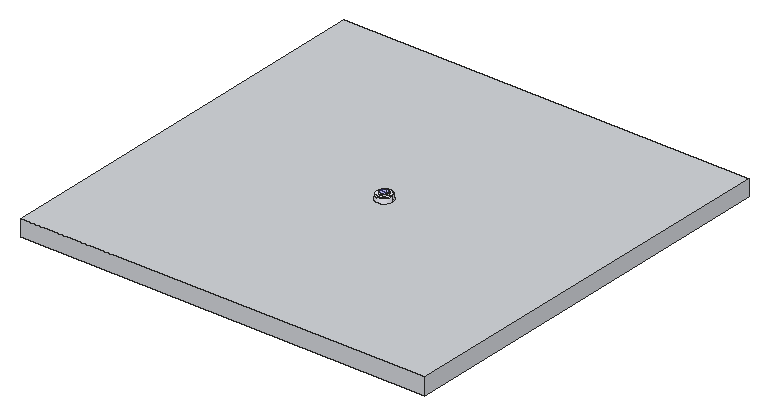
Revit family "BEG-92190", category Dispositifs d'éclairage, Revit 2015
Parameters
  Detection zone [instance] = yes
  Seat area [instance] = height position < 301 cm  # yes
  URL = "http://www.luxomat.com/en-92190"
  Type of output = "SWITCH"
  Ambiant temperature = "-25°C to +50°C"
  Ref = "92190"
  Relay = "10A"
  height position [instance] = 250 cm
  direct Range [instance] = height position * 2.4  # 600 cm
  transversal Range [instance] = height position * 4  # 1000 cm
  Modèle = "PD3N-1C/SM"
  Installation type = "Ceiling"
  Brand = "LUXOMAT"
  Image du type = 92190.jpg
  IP = "44"
  Mounting height max = Installation height max  # 300 cm
  Installation height max = 300 cm
  Fabricant = "B.E.G"
  Label [instance] = yes
  Default Elevation = 0 cm
  Consumption = "0,43W"
  Commentaires du type = "Occupancy detector PD3N-1C/SM"
  Code d'assemblage = "D5010200"
  Class = "2"
  Switching power LED = "200W"
  Switching power Cos ɸ =1 = "2300W"
  Switching power Cos ɸ =0.5 = "1150VA"
  Power voltage = "110-240 V AC"
  seated activity [instance] = height position * 1.6  # 400 cm
Reference planes (cm)
  plane 1 "Centre (avant/arrière)": y = 0
  plane 2: z = 0
  plane 3 "Centre (gauche/droite)": x = 0
Forms (cm)
  Extrusion 1, solid
    sketch origin (0, 0, 0) x (1, 0, 0) y (0, 1, 0)
      loop
        line (-121.92, 121.92) -> (-121.92, -121.92) -> (121.92, -121.92) -> (121.92, 121.92) -> (-121.92, 121.92)
    from 0 to -10
Dimensions and locks (cm)
  aligned and locked: plane 2 to Extrusion 1
  aligned and locked: level to Extrusion 1
  aligned and locked: nested 2 to plane 2
Nested families (cm)
  nested 1: "Famille1" at (0, -72.6659, 0) x (-1, 0, 0) z (0, 0, 1), reference <- "Ref", modele <- "Modèle", visible <- "Label", type "Famille1"
    with reference "92190", modele "PD3N-1C/SM"
  nested 2: "M8" at (0, 0, 0), type "Standard"
  nested 3: "zone G" at (0, 0, 0) x (-1, 0, 0) z (0, 0, 1), visible <- "Detection zone", activité assise <- "seated activity", biais <- "transversal Range", frontal <- "direct Range", Zone assise <- "Seat area", type "zone G"
    with position 2 240 cm, position 1 400 cm, frontal 600 cm, biais 1000 cm, activité assise 400 cm, Zone assise yes
  nested 4: "Plafond 360° 2D" at (0, 0, 0), type "Plafond 360° 2D"
Connectors (cm)
  electrical at (0, 0, 0)
    settings: on nested 2, index 1, voltage 240 V, apparent load 0 VA, apparent load phase1 0 VA, apparent load phase2 0 VA, apparent load phase3 0 VA, power factor 1, load classification "Eclairage", number of poles 1, system type 31, power factor state 1, is connector primary yes, connector utility no, sub classification motor no, connector description ""
Definition of nested family "M8"
  Reference planes (cm)
    plane 1 "Centre (avant/arrière)": y = 0
    plane 2: z = 0
    plane 3 "Centre (gauche/droite)": x = 0
    plane 4: y = 0
  Forms (cm)
    Revolve 1, solid
      sketch origin (0, 0, 0) x (-1, 0, 0) y (0, 0, 1)
        loop
          line (0, 0) -> (0, 3.6) -> (-2.45, 3.6) -> (-2.6598, 3.35) -> (-2.6598, 3.1) -> (-4.3661, 2.8) -> (-4.69, 2.4) -> (-4.9, 0) -> (0, 0)
        axis (0, 0) -> (0, 3.6)
      angle from 0 to 360
    Revolve 2, solid
      sketch origin (0, 0, 0) x (-1, 0, 0) y (0, 0, 1)
        loop
          line (0, 3.6) -> (0, 5)
          arc (0, 5) -> (-1.3892, 4.6244) -> (-2.4, 3.6) r 2.7571
          line (-2.4, 3.6) -> (0, 3.6)
        axis (0, 3.6) -> (0, 5)
      angle from 0 to 360
  Lines and regions (cm)
    reference lines
      curve 1: line (0, 0, 0) -> (0, 0, 5)
      curve 2: line (2.45, 0, 3.6) -> (0, 0, 3.6)
      curve 3: line (2.6598, 0, 3.35) -> (2.45, 0, 3.6)
      curve 4: line (2.6598, 0, 3.35) -> (2.6598, 0, 3.1)
      curve 5: line (4.3661, 0, 2.8) -> (2.6598, 0, 3.1)
      curve 6: line (4.69, 0, 2.4) -> (4.3661, 0, 2.8)
      curve 7: line (4.9, 0, 0) -> (4.69, 0, 2.4)
      curve 8: line (0, 0, 0) -> (4.9, 0, 0)
      curve 9: line (0, 0, 5) -> (0, 0, 3.6)
      curve 10: arc (0, 0, 5) -> (1.3892, 0, 4.6244) -> (2.4, 0, 3.6) r 2.7571
      curve 11: line (0, 0, 3.6) -> (2.4, 0, 3.6)
      curve 12: line (0, 0, 0) -> (0, 0, 5)
  Dimensions and locks (cm)
    aligned and locked: level to plane 2
    aligned and locked: Revolve 1 sketch curve to curve 1  (x2)
    aligned and locked: Revolve 1 sketch curve to curve 2
    aligned and locked: Revolve 1 sketch curve to curve 3
    aligned and locked: Revolve 1 sketch curve to curve 4
    aligned and locked: Revolve 1 sketch curve to curve 5
    aligned and locked: Revolve 1 sketch curve to curve 6
    aligned and locked: Revolve 1 sketch curve to curve 7
    aligned and locked: Revolve 1 sketch curve to curve 8
    aligned and locked: Revolve 2 sketch curve to curve 9
    aligned and locked: Revolve 2 sketch curve to curve 10
    aligned and locked: Revolve 2 sketch curve to curve 11
    aligned and locked: Revolve 2 sketch curve to curve 12
Definition of nested family "Famille1"
  Parameters (values of type "Famille1")
    reference [instance] = ""
    modele [instance] = ""
  Reference planes (cm)
    plane 1: y = 0
    plane 2: x = 0
  Text (cm)
    label "reference\n\nmodele" at (0.0074, 0.0451, 0), shows "reference", "modele"
Definition of nested family "zone G"
  Parameters (values of type "zone G")
    position 2 [instance] = (frontal / 2) * 0.8  # 240 cm
    position 1 [instance] = (biais / 2) * 0.8  # 400 cm
    frontal [instance] = 600 cm
    biais [instance] = 1000 cm
    activité assise [instance] = 400 cm
    Zone assise [instance] = yes
  Reference planes (cm)
    plane 1 "Centre (avant/arrière)": y = 0
    plane 2: z = 0
    plane 3 "Centre (gauche/droite)": x = 0
    plane 4: x = -400
    plane 5: y = -240
  Lines and regions (cm)
    detail lines, in view "Niveau de réf.", visible <- "Zone assise"
      curve 1: circle (0, 0, 0) r 200 normal (0, 0, 1)
      curve 4: spline (-105.2767, 3.2118, 0) -> (-104.9106, 3.0586, 0) -> (-103.8375, 2.9158, 0) -> (-102.1303, 2.7932, 0) -> (-99.9055, 2.6991, 0) -> (-97.3146, 2.6399, 0) -> (-94.5343, 2.6198, 0) -> (-91.7539, 2.6399, 0) -> (-89.163, 2.6991, 0) -> (-86.9382, 2.7932, 0) -> (-85.231, 2.9158, 0) -> (-84.1579, 3.0586, 0) -> (-83.7918, 3.2118, 0) -> (-84.1579, 3.365, 0) -> (-85.231, 3.5078, 0) -> (-86.9382, 3.6305, 0) -> (-89.163, 3.7245, 0) -> (-91.7539, 3.7837, 0) -> (-94.5343, 3.8039, 0) -> (-97.3146, 3.7837, 0) -> (-99.9055, 3.7245, 0) -> (-102.1303, 3.6305, 0) -> (-103.8375, 3.5078, 0) -> (-104.9106, 3.365, 0) -> (-105.2767, 3.2118, 0)
      curve 5: line (-105.2767, 3.2118, 0) -> (-103.7271, 3.5181, 0)
      curve 6: arc (-102.6495, -16.5888, 0) -> (-107.2915, -17.186, 0) -> (-111.6311, -18.9388, 0) r 18.3388
      curve 7: arc (-111.6311, -18.9388, 0) -> (-111.6982, -19.0046, 0) -> (-111.7229, -19.0953, 0) r 0.1799
      curve 8: arc (-102.4571, -17.1805, 0) -> (-106.7473, -17.5804, 0) -> (-110.8538, -18.8852, 0) r 20.1051
      curve 9: arc (-110.8538, -18.8852, 0) -> (-111.0396, -18.979, 0) -> (-111.2122, -19.0953, 0) r 1.6679
      curve 10: circle (-111.4676, -19.8292, 0) r 0.5096 normal (0, 0, 1)
      curve 11: arc (-110.898, -19.8292, 0) -> (-111.4676, -19.2597, 0) -> (-112.0372, -19.8292, 0) r 0.5696
      curve 12: arc (-110.838, -19.8292, 0) -> (-111.4676, -19.1997, 0) -> (-112.0972, -19.8292, 0) r 0.6296
      curve 13: arc (-86.4191, -16.5888, 0) -> (-81.7771, -17.186, 0) -> (-77.4374, -18.9388, 0) r 18.3388
      curve 14: arc (-77.4374, -18.9388, 0) -> (-77.3704, -19.0046, 0) -> (-77.3456, -19.0953, 0) r 0.1799
      curve 15: arc (-86.6114, -17.1805, 0) -> (-82.3212, -17.5804, 0) -> (-78.2147, -18.8852, 0) r 20.1051
      curve 16: arc (-78.2147, -18.8852, 0) -> (-78.0289, -18.979, 0) -> (-77.8563, -19.0953, 0) r 1.6679
      curve 17: circle (-77.6009, -19.8292, 0) r 0.5096 normal (0, 0, 1)
      curve 18: arc (-77.0314, -19.8292, 0) -> (-77.6009, -19.2597, 0) -> (-78.1705, -19.8292, 0) r 0.5696
      curve 19: arc (-76.9714, -19.8292, 0) -> (-77.6009, -19.1997, 0) -> (-78.2305, -19.8292, 0) r 0.6296
      curve 20: arc (-95.2593, -16.5888, 0) -> (-98.9871, -17.441, 0) -> (-102.5056, -18.9388, 0) r 21.5424
      curve 21: arc (-102.5056, -18.9388, 0) -> (-102.5726, -19.0046, 0) -> (-102.5974, -19.0953, 0) r 0.1799
      curve 22: arc (-95.2593, -17.1805, 0) -> (-98.5536, -17.8061, 0) -> (-101.7283, -18.8852, 0) r 23.9713
      curve 23: arc (-101.7283, -18.8852, 0) -> (-101.911, -18.9772, 0) -> (-102.081, -19.0909, 0) r 1.6679
      curve 24: arc (-95.0229, -17.1805, 0) -> (-98.2689, -17.8294, 0) -> (-101.4063, -18.8852, 0) r 26.0219
      curve 25: arc (-101.4063, -18.8852, 0) -> (-101.592, -18.979, 0) -> (-101.7647, -19.0953, 0) r 1.6679
      curve 26: circle (-102.181, -19.8292, 0) r 0.5096 normal (0, 0, 1)
      curve 27: arc (-101.6114, -19.8292, 0) -> (-102.181, -19.2597, 0) -> (-102.7506, -19.8292, 0) r 0.5696
      curve 28: arc (-101.5514, -19.8292, 0) -> (-102.181, -19.1997, 0) -> (-102.8106, -19.8292, 0) r 0.6296
      curve 29: arc (-93.8092, -16.5888, 0) -> (-90.0814, -17.441, 0) -> (-86.5629, -18.9388, 0) r 21.5424
      curve 30: arc (-86.5629, -18.9388, 0) -> (-86.4959, -19.0046, 0) -> (-86.4711, -19.0953, 0) r 0.1799
      curve 31: arc (-93.8092, -17.1805, 0) -> (-90.5149, -17.8061, 0) -> (-87.3402, -18.8852, 0) r 23.9713
      curve 32: arc (-87.3402, -18.8852, 0) -> (-87.1544, -18.979, 0) -> (-86.9818, -19.0953, 0) r 1.6679
      curve 33: arc (-94.0457, -17.1805, 0) -> (-90.7996, -17.8294, 0) -> (-87.6622, -18.8852, 0) r 26.0219
      curve 34: arc (-87.6622, -18.8852, 0) -> (-87.4765, -18.979, 0) -> (-87.3039, -19.0953, 0) r 1.6679
      curve 35: circle (-86.8875, -19.8292, 0) r 0.5096 normal (0, 0, 1)
      curve 36: arc (-86.3179, -19.8292, 0) -> (-86.8875, -19.2597, 0) -> (-87.4571, -19.8292, 0) r 0.5696
      curve 37: arc (-86.2579, -19.8292, 0) -> (-86.8875, -19.1997, 0) -> (-87.5171, -19.8292, 0) r 0.6296
      curve 38: arc (-103.0079, 8.8705, 0) -> (-101.8776, 5.8173, 0) -> (-98.8653, 4.5819, 0) r 4.0512
      curve 39: arc (-83.7186, 4.2269, 0) -> (-82.9538, 3.7817, 0) -> (-82.7946, 2.9112, 0) r 1.0582
      curve 40: arc (-82.7946, 2.9112, 0) -> (-84.0889, -6.227, 0) -> (-84.0703, -15.4564, 0) r 64.7189
      curve 41: arc (-84.0703, -15.4564, 0) -> (-83.933, -16.0031, 0) -> (-83.4527, -16.2981, 0) r 0.7467
      curve 42: arc (-83.4527, -16.2981, 0) -> (-80.3714, -16.8717, 0) -> (-77.238, -16.9405, 0) r 19.3577
      curve 43: arc (-77.238, -16.9405, 0) -> (-77.6363, -16.4391, 0) -> (-78.2461, -16.244, 0) r 1.1013
      curve 44: arc (-78.2461, -16.244, 0) -> (-80.4274, -15.8096, 0) -> (-82.5587, -15.1742, 0) r 23.8747
      curve 45: arc (-82.5587, -15.1742, 0) -> (-81.6045, -6.5488, 0) -> (-80.848, 2.0961, 0) r 379.1961
      curve 46: arc (-80.848, 2.0961, 0) -> (-81.0708, 4.8418, 0) -> (-83.0581, 6.7494, 0) r 3.8846
      curve 47: arc (-83.0581, 6.7494, 0) -> (-89.2141, 8.8147, 0) -> (-95.6542, 9.6431, 0) r 33.2193
      curve 48: arc (-95.6542, 9.6431, 0) -> (-94.8516, 17.305, 0) -> (-94.8609, 25.0089, 0) r 72.9952
      curve 49: arc (-95.1116, 28.28, 0) -> (-95.2196, 29.2958, 0) -> (-95.3418, 30.31, 0) r 72.9952
      curve 50: arc (-98.1747, 30.0752, 0) -> (-100.3426, 29.2913, 0) -> (-99.4886, 27.1501, 0) r 1.6042
      curve 51: arc (-95.3418, 30.31, 0) -> (-98.7298, 32.2574, 0) -> (-102.1179, 30.31, 0) r 3.9209
      curve 52: arc (-68.8418, 20.3177, 0) -> (-68.8537, 20.2265, 0) -> (-68.9411, 20.2549, 0) r 0.0597
      curve 53: arc (-70.9776, 20.5408, 0) -> (-70.9496, 20.3832, 0) -> (-71.1082, 20.3621, 0) r 0.1108
      curve 54: spline (-98.8908, 41.6409, 0) -> (-97.9793, 41.5103, 0) -> (-97.1229, 41.0855, 0) -> (-96.38, 40.3954, 0) -> (-95.8012, 39.4871, 0) -> (-95.426, 38.4224, 0) -> (-95.2799, 37.274, 0) -> (-95.3728, 36.12, 0) -> (-95.6985, 35.0392, 0) -> (-96.2348, 34.1051, 0) -> (-96.945, 33.3815, 0) -> (-97.7809, 32.9176, 0) -> (-98.6854, 32.7451, 0) -> (-99.5969, 32.8757, 0) -> (-100.4532, 33.3005, 0) -> (-101.1961, 33.9906, 0) -> (-101.7749, 34.8989, 0) -> (-102.1502, 35.9636, 0) -> (-102.2963, 37.112, 0) -> (-102.2033, 38.266, 0) -> (-101.8776, 39.3468, 0) -> (-101.3414, 40.2809, 0) -> (-100.6311, 41.0045, 0) -> (-99.7953, 41.4684, 0) -> (-98.8908, 41.6409, 0)
      curve 55: line (-74.1608, -20.3388, 0) -> (-33.3759, -20.3388, 0)
      curve 56: line (-33.3759, -20.3388, 0) -> (-33.3759, 18.6681, 0)
      curve 57: line (-33.3759, 18.6681, 0) -> (-74.1608, 18.6681, 0)
      curve 58: line (-74.1608, 18.6681, 0) -> (-74.1608, -20.3388, 0)
      curve 59: line (-74.1608, -20.3388, 0) -> (-120.7181, -20.3388, 0)
      curve 60: line (-80.1025, 18.6681, 0) -> (-27.4342, 18.6681, 0)
      curve 61: line (-27.4342, 18.6681, 0) -> (-27.4342, 20.1345, 0)
      curve 62: line (-27.4342, 20.1345, 0) -> (-80.1025, 20.1345, 0)
      curve 63: line (-80.1025, 20.1345, 0) -> (-80.1025, 18.6681, 0)
      curve 64: line (-95.5223, 2.6198, 0) -> (-93.5462, 2.6198, 0)
      curve 65: line (-93.5462, 2.6198, 0) -> (-93.5462, -16.5888, 0)
      curve 66: line (-93.5462, -16.5888, 0) -> (-95.5223, -16.5888, 0)
      curve 67: line (-95.5223, -16.5888, 0) -> (-95.5223, 2.6198, 0)
      curve 68: line (-95.5223, -16.5888, 0) -> (-102.6495, -16.5888, 0)
      curve 69: line (-111.7229, -19.0953, 0) -> (-111.2122, -19.0953, 0)
      curve 70: line (-93.8092, -16.5888, 0) -> (-94.0457, -17.1805, 0)
      curve 71: line (-94.0457, -17.1805, 0) -> (-93.8092, -17.1805, 0)
      curve 72: line (-93.8092, -17.1805, 0) -> (-94.5343, -17.1805, 0)
      curve 73: line (-94.5343, -17.1805, 0) -> (-95.2593, -17.1805, 0)
      curve 74: line (-95.2593, -17.1805, 0) -> (-95.0229, -17.1805, 0)
      curve 75: line (-95.0229, -17.1805, 0) -> (-95.2593, -16.5888, 0)
      curve 76: line (-98.1226, -17.1805, 0) -> (-102.4571, -17.1805, 0)
      curve 77: line (-112.0372, -19.8292, 0) -> (-112.0972, -19.8292, 0)
      curve 78: line (-110.898, -19.8292, 0) -> (-110.838, -19.8292, 0)
      curve 79: line (-111.3676, -19.2076, 0) -> (-111.3676, -19.0953, 0)
      curve 80: line (-111.5676, -19.2076, 0) -> (-111.5676, -19.0953, 0)
      curve 81: line (-93.5462, -16.5888, 0) -> (-86.4191, -16.5888, 0)
      curve 82: line (-77.3456, -19.0953, 0) -> (-77.8563, -19.0953, 0)
      curve 83: line (-90.9459, -17.1805, 0) -> (-86.6114, -17.1805, 0)
      curve 84: line (-77.0314, -19.8292, 0) -> (-76.9714, -19.8292, 0)
      curve 85: line (-78.1705, -19.8292, 0) -> (-78.2305, -19.8292, 0)
      curve 86: line (-77.7009, -19.2076, 0) -> (-77.7009, -19.0953, 0)
      curve 87: line (-77.5009, -19.2076, 0) -> (-77.5009, -19.0953, 0)
      curve 88: line (-102.5974, -19.0953, 0) -> (-101.7647, -19.0953, 0)
      curve 89: line (-102.7506, -19.8292, 0) -> (-102.8106, -19.8292, 0)
      curve 90: line (-101.6114, -19.8292, 0) -> (-101.5514, -19.8292, 0)
      curve 91: line (-102.081, -19.2076, 0) -> (-102.081, -19.0909, 0)
      curve 92: line (-102.281, -19.2076, 0) -> (-102.281, -19.0953, 0)
      curve 93: line (-86.4711, -19.0953, 0) -> (-87.3039, -19.0953, 0)
      curve 94: line (-86.3179, -19.8292, 0) -> (-86.2579, -19.8292, 0)
      curve 95: line (-87.4571, -19.8292, 0) -> (-87.5171, -19.8292, 0)
      curve 96: line (-86.9875, -19.2076, 0) -> (-86.9875, -19.0953, 0)
      curve 97: line (-86.7875, -19.2076, 0) -> (-86.7875, -19.0953, 0)
      curve 98: line (-98.8653, 4.5819, 0) -> (-83.7186, 4.2269, 0)
      curve 99: line (-103.0079, 8.8705, 0) -> (-102.1179, 30.31, 0)
      curve 100: line (-98.1747, 30.0752, 0) -> (-85.3255, 22.5448, 0)
      curve 101: line (-85.3255, 22.5448, 0) -> (-74.2929, 21.667, 0)
      curve 102: line (-74.2929, 21.667, 0) -> (-71.6033, 21.7219, 0)
      curve 103: line (-71.6033, 21.7219, 0) -> (-69.7371, 21.2829, 0)
      curve 104: line (-69.7371, 21.2829, 0) -> (-68.8418, 20.3177, 0)
      curve 105: line (-68.9411, 20.2549, 0) -> (-69.7808, 21.0896, 0)
      curve 106: line (-69.7808, 21.0896, 0) -> (-71.6115, 21.2989, 0)
      curve 107: line (-71.6115, 21.2989, 0) -> (-72.0159, 21.0248, 0)
      curve 108: line (-72.0159, 21.0248, 0) -> (-70.9776, 20.5408, 0)
      curve 109: line (-71.1082, 20.3621, 0) -> (-72.6656, 20.8949, 0)
      curve 110: line (-72.6656, 20.8949, 0) -> (-74.496, 20.6558, 0)
      curve 111: line (-74.496, 20.6558, 0) -> (-86.0144, 20.9158, 0)
      curve 112: line (-86.0144, 20.9158, 0) -> (-99.4886, 27.1501, 0)
      curve 113: line (-99.8644, 32.9741, 0) -> (-99.9944, 32.0479, 0)
      curve 114: line (-97.5142, 33.0301, 0) -> (-97.3718, 32.0147, 0)
      curve 115: line (-33.3759, -20.3388, 0) -> (-21.8014, -20.3388, 0)
    detail lines, in view "Niveau de réf."
      curve 2: circle (0, 0, 0) r 300 normal (0, 0, 1)
      curve 3: circle (0, 0, 0) r 500 normal (0, 0, 1)
      curve 116: spline (2.3068, -267.7265, 0) -> (4.0856, -267.3949, 0) -> (5.7432, -266.4226, 0) -> (7.1667, -264.876, 0) -> (8.2589, -262.8603, 0) -> (8.9455, -260.5131, 0) -> (9.1797, -257.9942, 0) -> (8.9455, -255.4753, 0) -> (8.2589, -253.1281, 0) -> (7.1667, -251.1125, 0) -> (5.7432, -249.5658, 0) -> (4.0856, -248.5936, 0) -> (2.3068, -248.262, 0) -> (0.5279, -248.5936, 0) -> (-1.1297, -249.5658, 0) -> (-2.5531, -251.1125, 0) -> (-3.6453, -253.1281, 0) -> (-4.3319, -255.4753, 0) -> (-4.5661, -257.9942, 0) -> (-4.3319, -260.5131, 0) -> (-3.6453, -262.8603, 0) -> (-2.5531, -264.876, 0) -> (-1.1297, -266.4226, 0) -> (0.5279, -267.3949, 0) -> (2.3068, -267.7265, 0)
      curve 117: line (-4.7649, -255.0929, 0) -> (0.5136, -267.9212, 0)
      curve 118: line (3.5648, -268.0775, 0) -> (9.2455, -254.5266, 0)
      curve 119: line (-0.3759, -248.4588, 0) -> (-3.0011, -250.8806, 0)
      curve 120: line (3.5053, -268.5045, 0) -> (6.62, -268.3756, 0)
      curve 121: line (1.7304, -268.3525, 0) -> (3.5053, -268.5045, 0)
      curve 122: line (-4.7649, -255.0929, 0) -> (0.5136, -267.9212, 0)
      curve 123: line (-21.1936, -255.3894, 0) -> (-24.4202, -257.3623, 0)
      curve 124: line (-21.1936, -255.3894, 0) -> (-24.4202, -257.3623, 0)
      curve 125: line (-0.3759, -248.4588, 0) -> (-3.0011, -250.8806, 0)
      curve 126: line (1.7304, -268.3525, 0) -> (6.62, -268.3756, 0)
      curve 127: line (3.5648, -268.0775, 0) -> (9.2455, -254.5266, 0)
      curve 128: line (0, -240, 0) -> (0, -209.0788, 0)
      curve 129: line (0, -209.0788, 0) -> (0, -200.7814, 0)
      curve 130: spline (-397.6932, -27.7265, 0) -> (-395.9144, -27.3949, 0) -> (-394.2568, -26.4226, 0) -> (-392.8333, -24.876, 0) -> (-391.7411, -22.8603, 0) -> (-391.0545, -20.5131, 0) -> (-390.8203, -17.9942, 0) -> (-391.0545, -15.4753, 0) -> (-391.7411, -13.1281, 0) -> (-392.8333, -11.1125, 0) -> (-394.2568, -9.5658, 0) -> (-395.9144, -8.5936, 0) -> (-397.6932, -8.262, 0) -> (-399.4721, -8.5936, 0) -> (-401.1297, -9.5658, 0) -> (-402.5531, -11.1125, 0) -> (-403.6453, -13.1281, 0) -> (-404.3319, -15.4753, 0) -> (-404.5661, -17.9942, 0) -> (-404.3319, -20.5131, 0) -> (-403.6453, -22.8603, 0) -> (-402.5531, -24.876, 0) -> (-401.1297, -26.4226, 0) -> (-399.4721, -27.3949, 0) -> (-397.6932, -27.7265, 0)
      curve 131: line (-404.7649, -15.0929, 0) -> (-399.4864, -27.9212, 0)
      curve 132: line (-396.4352, -28.0775, 0) -> (-390.7545, -14.5266, 0)
      curve 133: line (-400.3759, -8.4588, 0) -> (-403.0011, -10.8806, 0)
      curve 134: line (-396.4947, -28.5045, 0) -> (-393.38, -28.3756, 0)
      curve 135: line (-398.2696, -28.3525, 0) -> (-396.4947, -28.5045, 0)
      curve 136: line (-404.7649, -15.0929, 0) -> (-399.4864, -27.9212, 0)
      curve 137: line (-421.1936, -15.3894, 0) -> (-424.4202, -17.3623, 0)
      curve 138: line (-421.1936, -15.3894, 0) -> (-424.4202, -17.3623, 0)
      curve 139: line (-400.3759, -8.4588, 0) -> (-403.0011, -10.8806, 0)
      curve 140: line (-398.2696, -28.3525, 0) -> (-393.38, -28.3756, 0)
      curve 141: line (-396.4352, -28.0775, 0) -> (-390.7545, -14.5266, 0)
      curve 142: line (-400, 0, 0) -> (-400, 30.9212, 0)
      curve 143: line (-400, 30.9212, 0) -> (-400, 39.2186, 0)
    detail lines, in view "Niveau de réf.", visible <- "Zone assise", not visible
      curve 144: spline (925.976, -22.5654, 0) -> (926.342, -22.7186, 0) -> (927.4152, -22.8614, 0) -> (929.1224, -22.984, 0) -> (931.3472, -23.0781, 0) -> (933.938, -23.1373, 0) -> (936.7184, -23.1574, 0) -> (939.4987, -23.1373, 0) -> (942.0896, -23.0781, 0) -> (944.3144, -22.984, 0) -> (946.0216, -22.8614, 0) -> (947.0948, -22.7186, 0) -> (947.4608, -22.5654, 0) -> (947.0948, -22.4122, 0) -> (946.0216, -22.2694, 0) -> (944.3144, -22.1467, 0) -> (942.0896, -22.0527, 0) -> (939.4987, -21.9935, 0) -> (936.7184, -21.9733, 0) -> (933.938, -21.9935, 0) -> (931.3472, -22.0527, 0) -> (929.1224, -22.1467, 0) -> (927.4152, -22.2694, 0) -> (926.342, -22.4122, 0) -> (925.976, -22.5654, 0)
      curve 145: line (925.976, -22.5654, 0) -> (927.5256, -22.2591, 0)
      curve 146: arc (928.6032, -42.366, 0) -> (923.9612, -42.9632, 0) -> (919.6215, -44.716, 0) r 18.3388
      curve 147: arc (919.6215, -44.716, 0) -> (919.5545, -44.7818, 0) -> (919.5297, -44.8725, 0) r 0.1799
      curve 148: arc (928.7956, -42.9577, 0) -> (924.5053, -43.3576, 0) -> (920.3988, -44.6624, 0) r 20.1051
      curve 149: arc (920.3988, -44.6624, 0) -> (920.213, -44.7562, 0) -> (920.0404, -44.8725, 0) r 1.6679
      curve 150: circle (919.7851, -45.6065, 0) r 0.5096 normal (0, 0, 1)
      curve 151: arc (920.3547, -45.6065, 0) -> (919.7851, -45.0369, 0) -> (919.2155, -45.6065, 0) r 0.5696
      curve 152: arc (920.4147, -45.6065, 0) -> (919.7851, -44.9769, 0) -> (919.1555, -45.6065, 0) r 0.6296
      curve 153: arc (944.8336, -42.366, 0) -> (949.4756, -42.9632, 0) -> (953.8152, -44.716, 0) r 18.3388
      curve 154: arc (953.8152, -44.716, 0) -> (953.8823, -44.7818, 0) -> (953.907, -44.8725, 0) r 0.1799
      curve 155: arc (944.6412, -42.9577, 0) -> (948.9315, -43.3576, 0) -> (953.038, -44.6624, 0) r 20.1051
      curve 156: arc (953.038, -44.6624, 0) -> (953.2237, -44.7562, 0) -> (953.3964, -44.8725, 0) r 1.6679
      curve 157: circle (953.6517, -45.6065, 0) r 0.5096 normal (0, 0, 1)
      curve 158: arc (954.2213, -45.6065, 0) -> (953.6517, -45.0369, 0) -> (953.0821, -45.6065, 0) r 0.5696
      curve 159: arc (954.2813, -45.6065, 0) -> (953.6517, -44.9769, 0) -> (953.0221, -45.6065, 0) r 0.6296
      curve 160: arc (935.9933, -42.366, 0) -> (932.2655, -43.2182, 0) -> (928.7471, -44.716, 0) r 21.5424
      curve 161: arc (928.7471, -44.716, 0) -> (928.68, -44.7818, 0) -> (928.6553, -44.8725, 0) r 0.1799
      curve 162: arc (935.9933, -42.9577, 0) -> (932.6991, -43.5833, 0) -> (929.5243, -44.6624, 0) r 23.9713
      curve 163: arc (929.5243, -44.6624, 0) -> (929.3417, -44.7544, 0) -> (929.1716, -44.8681, 0) r 1.6679
      curve 164: arc (936.2298, -42.9577, 0) -> (932.9838, -43.6066, 0) -> (929.8464, -44.6624, 0) r 26.0219
      curve 165: arc (929.8464, -44.6624, 0) -> (929.6606, -44.7562, 0) -> (929.488, -44.8725, 0) r 1.6679
      curve 166: circle (929.0716, -45.6065, 0) r 0.5096 normal (0, 0, 1)
      curve 167: arc (929.6412, -45.6065, 0) -> (929.0716, -45.0369, 0) -> (928.502, -45.6065, 0) r 0.5696
      curve 168: arc (929.7012, -45.6065, 0) -> (929.0716, -44.9769, 0) -> (928.442, -45.6065, 0) r 0.6296
      curve 169: arc (937.4435, -42.366, 0) -> (941.1713, -43.2182, 0) -> (944.6897, -44.716, 0) r 21.5424
      curve 170: arc (944.6897, -44.716, 0) -> (944.7568, -44.7818, 0) -> (944.7815, -44.8725, 0) r 0.1799
      curve 171: arc (937.4435, -42.9577, 0) -> (940.7377, -43.5833, 0) -> (943.9124, -44.6624, 0) r 23.9713
      curve 172: arc (943.9124, -44.6624, 0) -> (944.0982, -44.7562, 0) -> (944.2708, -44.8725, 0) r 1.6679
      curve 173: arc (937.207, -42.9577, 0) -> (940.453, -43.6066, 0) -> (943.5904, -44.6624, 0) r 26.0219
      curve 174: arc (943.5904, -44.6624, 0) -> (943.7762, -44.7562, 0) -> (943.9488, -44.8725, 0) r 1.6679
      curve 175: circle (944.3651, -45.6065, 0) r 0.5096 normal (0, 0, 1)
      curve 176: arc (944.9347, -45.6065, 0) -> (944.3651, -45.0369, 0) -> (943.7956, -45.6065, 0) r 0.5696
      curve 177: arc (944.9947, -45.6065, 0) -> (944.3651, -44.9769, 0) -> (943.7356, -45.6065, 0) r 0.6296
      curve 178: arc (928.2447, -16.9067, 0) -> (929.3751, -19.9599, 0) -> (932.3873, -21.1953, 0) r 4.0512
      curve 179: arc (947.5341, -21.5503, 0) -> (948.2989, -21.9955, 0) -> (948.4581, -22.866, 0) r 1.0582
      curve 180: arc (948.4581, -22.866, 0) -> (947.1637, -32.0042, 0) -> (947.1824, -41.2336, 0) r 64.7189
      curve 181: arc (947.1824, -41.2336, 0) -> (947.3196, -41.7803, 0) -> (947.8, -42.0753, 0) r 0.7467
      curve 182: arc (947.8, -42.0753, 0) -> (950.8812, -42.6489, 0) -> (954.0146, -42.7177, 0) r 19.3577
      curve 183: arc (954.0146, -42.7177, 0) -> (953.6164, -42.2163, 0) -> (953.0065, -42.0212, 0) r 1.1013
      curve 184: arc (953.0065, -42.0212, 0) -> (950.8253, -41.5868, 0) -> (948.6939, -40.9514, 0) r 23.8747
      curve 185: arc (948.6939, -40.9514, 0) -> (949.6481, -32.326, 0) -> (950.4047, -23.6811, 0) r 379.1961
      curve 186: arc (950.4047, -23.6811, 0) -> (950.1819, -20.9354, 0) -> (948.1945, -19.0278, 0) r 3.8846
      curve 187: arc (948.1945, -19.0278, 0) -> (942.0386, -16.9625, 0) -> (935.5985, -16.1341, 0) r 33.2193
      curve 188: arc (935.5985, -16.1341, 0) -> (936.4011, -8.4722, 0) -> (936.3918, -0.7683, 0) r 72.9952
      curve 189: arc (936.1411, 2.5028, 0) -> (936.0331, 3.5186, 0) -> (935.9108, 4.5328, 0) r 72.9952
      curve 190: arc (933.0779, 4.298, 0) -> (930.9101, 3.5141, 0) -> (931.7641, 1.3729, 0) r 1.6042
      curve 191: arc (935.9108, 4.5328, 0) -> (932.5228, 6.4802, 0) -> (929.1348, 4.5328, 0) r 3.9209
      curve 192: arc (962.4108, -5.4595, 0) -> (962.3989, -5.5507, 0) -> (962.3115, -5.5223, 0) r 0.0597
      curve 193: arc (960.275, -5.2364, 0) -> (960.303, -5.394, 0) -> (960.1444, -5.4151, 0) r 0.1108
      curve 194: spline (932.3619, 15.8637, 0) -> (933.2734, 15.7331, 0) -> (934.1297, 15.3083, 0) -> (934.8726, 14.6182, 0) -> (935.4514, 13.7099, 0) -> (935.8267, 12.6452, 0) -> (935.9728, 11.4968, 0) -> (935.8798, 10.3428, 0) -> (935.5541, 9.262, 0) -> (935.0179, 8.3279, 0) -> (934.3076, 7.6043, 0) -> (933.4718, 7.1404, 0) -> (932.5673, 6.9679, 0) -> (931.6558, 7.0985, 0) -> (930.7994, 7.5233, 0) -> (930.0565, 8.2134, 0) -> (929.4777, 9.1217, 0) -> (929.1025, 10.1864, 0) -> (928.9564, 11.3348, 0) -> (929.0493, 12.4888, 0) -> (929.375, 13.5696, 0) -> (929.9113, 14.5037, 0) -> (930.6215, 15.2273, 0) -> (931.4574, 15.6912, 0) -> (932.3619, 15.8637, 0)
      curve 195: line (957.0918, -46.116, 0) -> (997.8768, -46.116, 0)
      curve 196: line (997.8768, -46.116, 0) -> (997.8768, -7.1091, 0)
      curve 197: line (997.8768, -7.1091, 0) -> (957.0918, -7.1091, 0)
      curve 198: line (957.0918, -7.1091, 0) -> (957.0918, -46.116, 0)
      curve 199: line (957.0918, -46.116, 0) -> (910.5345, -46.116, 0)
      curve 200: line (951.1501, -7.1091, 0) -> (1003.8185, -7.1091, 0)
      curve 201: line (1003.8185, -7.1091, 0) -> (1003.8185, -5.6427, 0)
      curve 202: line (1003.8185, -5.6427, 0) -> (951.1501, -5.6427, 0)
      curve 203: line (951.1501, -5.6427, 0) -> (951.1501, -7.1091, 0)
      curve 204: line (935.7304, -23.1574, 0) -> (937.7064, -23.1574, 0)
      curve 205: line (937.7064, -23.1574, 0) -> (937.7064, -42.366, 0)
      curve 206: line (937.7064, -42.366, 0) -> (935.7304, -42.366, 0)
      curve 207: line (935.7304, -42.366, 0) -> (935.7304, -23.1574, 0)
      curve 208: line (935.7304, -42.366, 0) -> (928.6032, -42.366, 0)
      curve 209: line (919.5297, -44.8725, 0) -> (920.0404, -44.8725, 0)
      curve 210: line (937.4435, -42.366, 0) -> (937.207, -42.9577, 0)
      curve 211: line (937.207, -42.9577, 0) -> (937.4435, -42.9577, 0)
      curve 212: line (937.4435, -42.9577, 0) -> (936.7184, -42.9577, 0)
      curve 213: line (936.7184, -42.9577, 0) -> (935.9933, -42.9577, 0)
      curve 214: line (935.9933, -42.9577, 0) -> (936.2298, -42.9577, 0)
      curve 215: line (936.2298, -42.9577, 0) -> (935.9933, -42.366, 0)
      curve 216: line (933.13, -42.9577, 0) -> (928.7956, -42.9577, 0)
      curve 217: line (919.2155, -45.6065, 0) -> (919.1555, -45.6065, 0)
      curve 218: line (920.3547, -45.6065, 0) -> (920.4147, -45.6065, 0)
      curve 219: line (919.8851, -44.9848, 0) -> (919.8851, -44.8725, 0)
      curve 220: line (919.6851, -44.9848, 0) -> (919.6851, -44.8725, 0)
      curve 221: line (937.7064, -42.366, 0) -> (944.8336, -42.366, 0)
      curve 222: line (953.907, -44.8725, 0) -> (953.3964, -44.8725, 0)
      curve 223: line (940.3068, -42.9577, 0) -> (944.6412, -42.9577, 0)
      curve 224: line (954.2213, -45.6065, 0) -> (954.2813, -45.6065, 0)
      curve 225: line (953.0821, -45.6065, 0) -> (953.0221, -45.6065, 0)
      curve 226: line (953.5517, -44.9848, 0) -> (953.5517, -44.8725, 0)
      curve 227: line (953.7517, -44.9848, 0) -> (953.7517, -44.8725, 0)
      curve 228: line (928.6553, -44.8725, 0) -> (929.488, -44.8725, 0)
      curve 229: line (928.502, -45.6065, 0) -> (928.442, -45.6065, 0)
      curve 230: line (929.6412, -45.6065, 0) -> (929.7012, -45.6065, 0)
      curve 231: line (929.1716, -44.9848, 0) -> (929.1716, -44.8681, 0)
      curve 232: line (928.9716, -44.9848, 0) -> (928.9716, -44.8725, 0)
      curve 233: line (944.7815, -44.8725, 0) -> (943.9488, -44.8725, 0)
      curve 234: line (944.9347, -45.6065, 0) -> (944.9947, -45.6065, 0)
      curve 235: line (943.7956, -45.6065, 0) -> (943.7356, -45.6065, 0)
      curve 236: line (944.2651, -44.9848, 0) -> (944.2651, -44.8725, 0)
      curve 237: line (944.4651, -44.9848, 0) -> (944.4651, -44.8725, 0)
      curve 238: line (932.3873, -21.1953, 0) -> (947.5341, -21.5503, 0)
      curve 239: line (928.2447, -16.9067, 0) -> (929.1348, 4.5328, 0)
      curve 240: line (933.0779, 4.298, 0) -> (945.9271, -3.2324, 0)
      curve 241: line (945.9271, -3.2324, 0) -> (956.9598, -4.1102, 0)
      curve 242: line (956.9598, -4.1102, 0) -> (959.6493, -4.0553, 0)
      curve 243: line (959.6493, -4.0553, 0) -> (961.5155, -4.4943, 0)
      curve 244: line (961.5155, -4.4943, 0) -> (962.4108, -5.4595, 0)
      curve 245: line (962.3115, -5.5223, 0) -> (961.4719, -4.6876, 0)
      curve 246: line (961.4719, -4.6876, 0) -> (959.6412, -4.4783, 0)
      curve 247: line (959.6412, -4.4783, 0) -> (959.2367, -4.7524, 0)
      curve 248: line (959.2367, -4.7524, 0) -> (960.275, -5.2364, 0)
      curve 249: line (960.1444, -5.4151, 0) -> (958.5871, -4.8823, 0)
      curve 250: line (958.5871, -4.8823, 0) -> (956.7566, -5.1214, 0)
      curve 251: line (956.7566, -5.1214, 0) -> (945.2383, -4.8614, 0)
      curve 252: line (945.2383, -4.8614, 0) -> (931.7641, 1.3729, 0)
      curve 253: line (931.3882, 7.1969, 0) -> (931.2583, 6.2707, 0)
      curve 254: line (933.7384, 7.2529, 0) -> (933.8809, 6.2375, 0)
      curve 255: line (997.8768, -46.116, 0) -> (1009.4512, -46.116, 0)
    detail lines, in view "Niveau de réf.", not visible
      curve 256: spline (630.3724, -48.277, 0) -> (632.1512, -47.9453, 0) -> (633.8088, -46.9731, 0) -> (635.2323, -45.4264, 0) -> (636.3245, -43.4108, 0) -> (637.0111, -41.0636, 0) -> (637.2453, -38.5447, 0) -> (637.0111, -36.0258, 0) -> (636.3245, -33.6786, 0) -> (635.2323, -31.663, 0) -> (633.8088, -30.1163, 0) -> (632.1512, -29.1441, 0) -> (630.3724, -28.8124, 0) -> (628.5935, -29.1441, 0) -> (626.9359, -30.1163, 0) -> (625.5125, -31.663, 0) -> (624.4202, -33.6786, 0) -> (623.7336, -36.0258, 0) -> (623.4995, -38.5447, 0) -> (623.7336, -41.0636, 0) -> (624.4202, -43.4108, 0) -> (625.5125, -45.4264, 0) -> (626.9359, -46.9731, 0) -> (628.5935, -47.9453, 0) -> (630.3724, -48.277, 0)
      curve 257: line (623.3007, -35.6434, 0) -> (628.5792, -48.4717, 0)
      curve 258: line (631.6303, -48.628, 0) -> (637.311, -35.0771, 0)
      curve 259: line (627.6897, -29.0093, 0) -> (625.0645, -31.4311, 0)
      curve 260: line (631.5709, -49.055, 0) -> (634.6856, -48.9261, 0)
      curve 261: line (629.7959, -48.903, 0) -> (631.5709, -49.055, 0)
      curve 262: line (623.3007, -35.6434, 0) -> (628.5792, -48.4717, 0)
      curve 263: line (606.872, -35.9399, 0) -> (603.6454, -37.9127, 0)
      curve 264: line (606.872, -35.9399, 0) -> (603.6454, -37.9127, 0)
      curve 265: line (627.6897, -29.0093, 0) -> (625.0645, -31.4311, 0)
      curve 266: line (629.7959, -48.903, 0) -> (634.6856, -48.9261, 0)
      curve 267: line (631.6303, -48.628, 0) -> (637.311, -35.0771, 0)
      curve 268: line (628.0656, -20.5505, 0) -> (628.0656, 10.3707, 0)
      curve 269: line (628.0656, 10.3707, 0) -> (628.0656, 18.6681, 0)
      curve 270: spline (1030.3724, -260.777, 0) -> (1032.1512, -260.4453, 0) -> (1033.8088, -259.4731, 0) -> (1035.2323, -257.9264, 0) -> (1036.3245, -255.9108, 0) -> (1037.0111, -253.5636, 0) -> (1037.2453, -251.0447, 0) -> (1037.0111, -248.5258, 0) -> (1036.3245, -246.1786, 0) -> (1035.2323, -244.163, 0) -> (1033.8088, -242.6163, 0) -> (1032.1512, -241.6441, 0) -> (1030.3724, -241.3124, 0) -> (1028.5935, -241.6441, 0) -> (1026.9359, -242.6163, 0) -> (1025.5125, -244.163, 0) -> (1024.4202, -246.1786, 0) -> (1023.7336, -248.5258, 0) -> (1023.4995, -251.0447, 0) -> (1023.7336, -253.5636, 0) -> (1024.4202, -255.9108, 0) -> (1025.5125, -257.9264, 0) -> (1026.9359, -259.4731, 0) -> (1028.5935, -260.4453, 0) -> (1030.3724, -260.777, 0)
      curve 271: line (1023.3007, -248.1434, 0) -> (1028.5792, -260.9717, 0)
      curve 272: line (1031.6303, -261.128, 0) -> (1037.311, -247.5771, 0)
      curve 273: line (1027.6897, -241.5093, 0) -> (1025.0645, -243.9311, 0)
      curve 274: line (1031.5709, -261.555, 0) -> (1034.6856, -261.4261, 0)
      curve 275: line (1029.7959, -261.403, 0) -> (1031.5709, -261.555, 0)
      curve 276: line (1023.3007, -248.1434, 0) -> (1028.5792, -260.9717, 0)
      curve 277: line (1006.872, -248.4399, 0) -> (1003.6454, -250.4127, 0)
      curve 278: line (1006.872, -248.4399, 0) -> (1003.6454, -250.4127, 0)
      curve 279: line (1027.6897, -241.5093, 0) -> (1025.0645, -243.9311, 0)
      curve 280: line (1029.7959, -261.403, 0) -> (1034.6856, -261.4261, 0)
      curve 281: line (1031.6303, -261.128, 0) -> (1037.311, -247.5771, 0)
      curve 282: line (1028.0656, -233.0505, 0) -> (1028.0656, -202.1293, 0)
      curve 283: line (1028.0656, -202.1293, 0) -> (1028.0656, -193.8319, 0)
  Text (cm)
    text "2" at (0.4332, -281.3743, 0), in view "Niveau de réf."
    text "1" at (-399.5668, -41.3743, 0), in view "Niveau de réf."
    text "1" at (628.4988, -61.9248, 0), in view "Niveau de réf.", not visible
    text "2" at (1028.4988, -274.4248, 0), in view "Niveau de réf.", not visible
  Dimensions and locks (cm)
    "position 1": plane 4 to plane 3 "Centre (gauche/droite)"
    "position 2": plane 5 to plane 1 "Centre (avant/arrière)"
    "activité assise": diameter of curve 1
    "biais": diameter of curve 3
    "frontal": diameter of curve 2
    aligned and locked: curve 142 to plane 1 "Centre (avant/arrière)"
    aligned and locked: curve 128 to plane 3 "Centre (gauche/droite)"
    aligned and locked: plane 4 to curve 142
    aligned and locked: plane 5 to curve 128
  Automatic sketch dimensions
    curve 1 to curve 2 = 0 cm  (x2)
    curve 1 to curve 3 = 0 cm  (x2)
    curve 2 to curve 3 = 0 cm  (x2)
    plane 1 "Centre (avant/arrière)" to curve 2 = 0 cm
    curve 2 to plane 3 "Centre (gauche/droite)" = 0 cm
Definition of nested family "Plafond 360° 2D"
  Reference planes (cm)
    plane 1: y = 0
    plane 2: x = 0
  Lines and regions (cm)
    Filled region 1, type "rouge"
      outline origin (0, 0, 0) x (1, 0, 0) y (0, 1, 0)
        loop
          circle (0, 0) r 0.0294
    detail lines
      curve 1: arc (-0.1732, 0.1, 0) -> (-0.2, 0, 0) -> (-0.1732, -0.1, 0) r 0.2
      curve 2: arc (-0.1, -0.1732, 0) -> (0, -0.2, 0) -> (0.1, -0.1732, 0) r 0.2
      curve 3: arc (0.1732, -0.1, 0) -> (0.2, 0, 0) -> (0.1732, 0.1, 0) r 0.2
      curve 4: arc (0.1, 0.1732, 0) -> (0, 0.2, 0) -> (-0.1, 0.1732, 0) r 0.2
      curve 5: arc (-0.1375, 0.0794, 0) -> (-0.1588, 0, 0) -> (-0.1375, -0.0794, 0) r 0.1588
      curve 6: arc (-0.0794, -0.1375, 0) -> (0, -0.1588, 0) -> (0.0794, -0.1375, 0) r 0.1588
      curve 7: arc (0.1375, -0.0794, 0) -> (0.1588, 0, 0) -> (0.1375, 0.0794, 0) r 0.1588
      curve 8: arc (0.0794, 0.1375, 0) -> (0, 0.1588, 0) -> (-0.0794, 0.1375, 0) r 0.1588
      curve 9: arc (-0.1019, 0.0588, 0) -> (-0.1176, 0, 0) -> (-0.1019, -0.0588, 0) r 0.1176
      curve 10: arc (-0.0588, -0.1019, 0) -> (0, -0.1176, 0) -> (0.0588, -0.1019, 0) r 0.1176
      curve 11: arc (0.1019, -0.0588, 0) -> (0.1176, 0, 0) -> (0.1019, 0.0588, 0) r 0.1176
      curve 12: arc (0.0588, 0.1019, 0) -> (0, 0.1176, 0) -> (-0.0588, 0.1019, 0) r 0.1176
      curve 13: arc (-0.0294, 0, 0) -> (0, -0.0294, 0) -> (0.0294, 0, 0) r 0.0294
      curve 14: arc (0.0294, 0, 0) -> (0, 0.0294, 0) -> (-0.0294, 0, 0) r 0.0294
